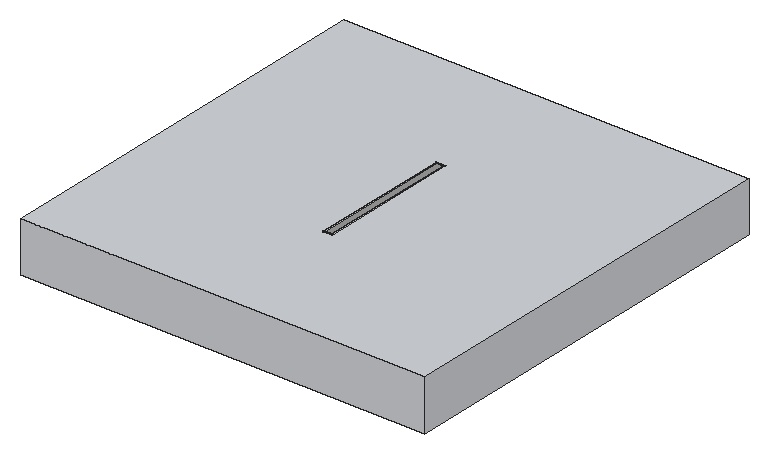
Revit family "LAMP_FIL 45 840MM OPAL RECESSED", category Luminarias, Revit 2018
Family settings
  Anfitrión = Cara
  Cota de conector redondo = Diámetro de uso
  Tipo de pieza = Normal
  Corte con vacíos al cargar = No
  Origen de luz = Sí
  Compartido = No
  Punto de cálculo de habitación = No
Parameters (values of type "1950LM 3000K  BLACK")
  Ángulo de inclinación = -90.00°
  Weight = 2.04 kg
  Wattage = 13.3 W
  Type = "MID POWER TRIDONIC"
  built-in parameter 1150107 = 3000 (stored number, unit not read)
  Recessed dimensions = "846x51x0"
  built-in parameter 1150110 = 1 (stored number, unit not read)
  built-in parameter 1150109 = 1 (stored number, unit not read)
  built-in parameter 1150112 = 1 (stored number, unit not read)
  built-in parameter 1150113 = 1 (stored number, unit not read)
  built-in parameter 1114218 = 1 (stored number, unit not read)
  Protection rating = "IP20 / IK07"
  Product datasheet = "http://www.lamp.es/product-files/TECH/F41RE084MOOP830NB-EN.pdf"
  Product code = "F41RE084MOOP830NB"
  Product URL = "https://www.lamp.es/en/family/fil-45_413951"
  Power Supply = "220-240V 50/60Hz"
  Power = 12 W
  Plum = 13.3 W
  Photobiological risk = ""
  NOT COVER 2 [instance] = not(END COVER 2)  # no
  NOT COVER 1 [instance] = not(END COVER 1)  # no
  built-in parameter 1150137 = (empty or 0)
  built-in parameter 1150132 = 2
  Modelo = Product code  # "F41RE084MOOP830NB"
  Model Explanation = ""
  Material suspension = LAMP_Acero genérico
  Material perfil = LAMP_Aluminio Perfil Fil NG
  Material difusor = LAMP_PC Difusor Opal Fil
  Manufacturer name = "LAMP"
  Manufacturer country = "Spain"
  Manufacturer URL = "http://www.lamp.es/en"
  MacAdam = "3"
  Longitud de línea de emisión = 840 mm
  Last update = "22/03/2021"
  Lamp = "MID-POWER LED"
  LED Lifetime = "70.000 L80 B10"
  built-in parameter 1150105 = 491.36 (stored number, unit not read)
  built-in parameter 1150102 = (empty or 0)
  Insulation class = "I"
  Installation instructions = "https://www.lamp.es/product-files/INS/1004580-C%20INSTR.%20FIL45.pdf"
  built-in parameter 1150106 = 4.9136 (stored number, unit not read)
  IEE = "A+"
  Gear = "Electronic"
  Lumens = 1291.7 lm
  Finish = "Matte black RAL 9011"
  Color Filter = 16777215
  built-in parameter 1114217 = 1 (stored number, unit not read)
  built-in parameter 1150139 = (empty or 0)
  Fabricante = Manufacturer name  # "LAMP"
  Default Elevation = 1219.2 mm
  built-in parameter 1150104 = 9.0227 (stored number, unit not read)
  Efficacy = 97.12 lm/W
  END COVER 2 [instance] = yes
  END COVER 1 [instance] = yes
  Dimensions = "840x55x76"
  Descripción = "FIL45 REC 840 1950 WW OPAL BK."
  built-in parameter 1150115 = 1 (stored number, unit not read)
  built-in parameter 1150114 = 1 (stored number, unit not read)
  built-in parameter 1150138 = (empty or 0)
  built-in parameter 1150134 = 3
  Dimming Lamp Color Temperature Shift = (empty or 0)
  CRI = "80"
  Archivo de red fotométrica = "F41RE084MOOP830NB.IES"
  built-in parameter 1150133 = 10 (stored number, unit not read)
Types (24, lengths in mm): name | Weight | built-in parameter 1150107 | Product datasheet | Product code | Power | Plum | Modelo | Material perfil | LED Lifetime | Finish | Efficacy | Descripción | Archivo de red fotométrica
  1950LM 3000K DALI BLACK | 2.172 kg | 3000 (stored number, unit not read) | "http://www.lamp.es/product-files/TECH/F41RE084MOOP830DB-EN.pdf" | "F41RE084MOOP830DB" | 12 W | 13.3 W | "F41RE084MOOP830DB" | LAMP_Aluminio Perfil Fil NG | "70.000 L80 B10" | "Matte black RAL 9011" | 97.12 lm/W | "FIL45 REC 840 1950 WW OPAL DALI BK." | "F41RE084MOOP830nB.IES"
  1950LM 3000K DALI GREY | 2.172 kg | 3000 (stored number, unit not read) | "http://www.lamp.es/product-files/TECH/F41RE084MOOP830DG-EN.pdf" | "F41RE084MOOP830DG" | 12 W | 13.3 W | "F41RE084MOOP830DG" | LAMP_Aluminio Perfil Fil GR | "70.000 L80 B10" | "Gloss grey" | 97.12 lm/W | "FIL45 REC 840 1950 WW OPAL DALI GR." | "F41RE084MOOP830nG.IES"
  1950LM 3000K DALI WHITE | 2.172 kg | 3000 (stored number, unit not read) | "http://www.lamp.es/product-files/TECH/F41RE084MOOP830DW-EN.pdf" | "F41RE084MOOP830DW" | 12 W | 13.3 W | "F41RE084MOOP830DW" | LAMP_Aluminio Perfil Fil BL | "70.000 L80 B10" | "Matte white RAL 9010" | 97.12 lm/W | "FIL45 REC 840 1950 WW OPAL DALI WH." | "F41RE084MOOP830nW.IES"
  1950LM 3000K  BLACK | 2.04 kg | 3000 (stored number, unit not read) | "http://www.lamp.es/product-files/TECH/F41RE084MOOP830NB-EN.pdf" | "F41RE084MOOP830NB" | 12 W | 13.3 W | "F41RE084MOOP830NB" | LAMP_Aluminio Perfil Fil NG | "70.000 L80 B10" | "Matte black RAL 9011" | 97.12 lm/W | "FIL45 REC 840 1950 WW OPAL BK." | "F41RE084MOOP830NB.IES"
  1950LM 3000K  GREY | 2.04 kg | 3000 (stored number, unit not read) | "http://www.lamp.es/product-files/TECH/F41RE084MOOP830NG-EN.pdf" | "F41RE084MOOP830NG" | 12 W | 13.3 W | "F41RE084MOOP830NG" | LAMP_Aluminio Perfil Fil GR | "70.000 L80 B10" | "Gloss grey" | 97.12 lm/W | "FIL45 REC 840 1950 WW OPAL GR." | "F41RE084MOOP830NG.IES"
  1950LM 3000K  WHITE | 2.04 kg | 3000 (stored number, unit not read) | "http://www.lamp.es/product-files/TECH/F41RE084MOOP830NW-EN.pdf" | "F41RE084MOOP830NW" | 12 W | 13.3 W | "F41RE084MOOP830NW" | LAMP_Aluminio Perfil Fil BL | "70.000 L80 B10" | "Matte white RAL 9010" | 97.12 lm/W | "FIL45 REC 840 1950 WW OPAL WH." | "F41RE084MOOP830NW.IES"
  1950LM 4000K DALI BLACK | 2.172 kg | 4000 (stored number, unit not read) | "http://www.lamp.es/product-files/TECH/F41RE084MOOP840DB-EN.pdf" | "F41RE084MOOP840DB" | 12 W | 13.3 W | "F41RE084MOOP840DB" | LAMP_Aluminio Perfil Fil NG | "70.000 L80 B10" | "Matte black RAL 9011" | 101.81 lm/W | "FIL45 REC 840 1950 NW OPAL DALI BK." | "F41RE084MOOP840nB.IES"
  1950LM 4000K DALI GREY | 2.172 kg | 4000 (stored number, unit not read) | "http://www.lamp.es/product-files/TECH/F41RE084MOOP840DG-EN.pdf" | "F41RE084MOOP840DG" | 12 W | 13.3 W | "F41RE084MOOP840DG" | LAMP_Aluminio Perfil Fil GR | "70.000 L80 B10" | "Gloss grey" | 101.81 lm/W | "FIL45 REC 840 1950 NW OPAL DALI GR." | "F41RE084MOOP840nG.IES"
  1950LM 4000K DALI WHITE | 2.172 kg | 4000 (stored number, unit not read) | "http://www.lamp.es/product-files/TECH/F41RE084MOOP840DW-EN.pdf" | "F41RE084MOOP840DW" | 12 W | 13.3 W | "F41RE084MOOP840DW" | LAMP_Aluminio Perfil Fil BL | "70.000 L80 B10" | "Matte white RAL 9010" | 101.81 lm/W | "FIL45 REC 840 1950 NW OPAL DALI WH." | "F41RE084MOOP840nW.IES"
  1950LM 4000K  BLACK | 2.04 kg | 4000 (stored number, unit not read) | "http://www.lamp.es/product-files/TECH/F41RE084MOOP840NB-EN.pdf" | "F41RE084MOOP840NB" | 12 W | 13.3 W | "F41RE084MOOP840NB" | LAMP_Aluminio Perfil Fil NG | "70.000 L80 B10" | "Matte black RAL 9011" | 101.81 lm/W | "FIL45 REC 840 1950 NW OPAL BK." | "F41RE084MOOP840NB.IES"
  1950LM 4000K  GREY | 2.04 kg | 4000 (stored number, unit not read) | "http://www.lamp.es/product-files/TECH/F41RE084MOOP840NG-EN.pdf" | "F41RE084MOOP840NG" | 12 W | 13.3 W | "F41RE084MOOP840NG" | LAMP_Aluminio Perfil Fil GR | "70.000 L80 B10" | "Gloss grey" | 101.81 lm/W | "FIL45 REC 840 1950 NW OPAL GR." | "F41RE084MOOP840NG.IES"
  1950LM 4000K  WHITE | 2.04 kg | 4000 (stored number, unit not read) | "http://www.lamp.es/product-files/TECH/F41RE084MOOP840NW-EN.pdf" | "F41RE084MOOP840NW" | 12 W | 13.3 W | "F41RE084MOOP840NW" | LAMP_Aluminio Perfil Fil BL | "70.000 L80 B10" | "Matte white RAL 9010" | 101.81 lm/W | "FIL45 REC 840 1950 NW OPAL WH." | "F41RE084MOOP840NW.IES"
  4650LM 3000K DALI BLACK | 2.187 kg | 3000 (stored number, unit not read) | "http://www.lamp.es/product-files/TECH/F41RE084HOOP830DB-EN.pdf" | "F41RE084HOOP830DB" | 27 W | 30.4 W | "F41RE084HOOP830DB" | LAMP_Aluminio Perfil Fil NG | "72.000 L80 B10" | "Matte black RAL 9011" | 92 lm/W | "FIL45 REC 840 4650 WW OPAL DALI BK." | "F41RE084HOOP830nB.IES"
  4650LM 3000K DALI GREY | 2.187 kg | 3000 (stored number, unit not read) | "http://www.lamp.es/product-files/TECH/F41RE084HOOP830DG-EN.pdf" | "F41RE084HOOP830DG" | 27 W | 30.4 W | "F41RE084HOOP830DG" | LAMP_Aluminio Perfil Fil GR | "72.000 L80 B10" | "Gloss grey" | 92 lm/W | "FIL45 REC 840 4650 WW OPAL DALI GR." | "F41RE084HOOP830nG.IES"
  4650LM 3000K DALI WHITE | 2.187 kg | 3000 (stored number, unit not read) | "http://www.lamp.es/product-files/TECH/F41RE084HOOP830DW-EN.pdf" | "F41RE084HOOP830DW" | 27 W | 30.4 W | "F41RE084HOOP830DW" | LAMP_Aluminio Perfil Fil BL | "72.000 L80 B10" | "Matte white RAL 9010" | 92 lm/W | "FIL45 REC 840 4650 WW OPAL DALI WH." | "F41RE084HOOP830nW.IES"
  4650LM 3000K  BLACK | 2.09 kg | 3000 (stored number, unit not read) | "http://www.lamp.es/product-files/TECH/F41RE084HOOP830NB-EN.pdf" | "F41RE084HOOP830NB" | 27 W | 30.4 W | "F41RE084HOOP830NB" | LAMP_Aluminio Perfil Fil NG | "72.000 L80 B10" | "Matte black RAL 9011" | 92 lm/W | "FIL45 REC 840 4650 WW OPAL BK." | "F41RE084HOOP830NB.IES"
  4650LM 3000K  GREY | 2.09 kg | 3000 (stored number, unit not read) | "http://www.lamp.es/product-files/TECH/F41RE084HOOP830NG-EN.pdf" | "F41RE084HOOP830NG" | 27 W | 30.4 W | "F41RE084HOOP830NG" | LAMP_Aluminio Perfil Fil GR | "72.000 L80 B10" | "Gloss grey" | 92 lm/W | "FIL45 REC 840 4650 WW OPAL GR." | "F41RE084HOOP830NG.IES"
  4650LM 3000K  WHITE | 2.09 kg | 3000 (stored number, unit not read) | "http://www.lamp.es/product-files/TECH/F41RE084HOOP830NW-EN.pdf" | "F41RE084HOOP830NW" | 27 W | 30.4 W | "F41RE084HOOP830NW" | LAMP_Aluminio Perfil Fil BL | "72.000 L80 B10" | "Matte white RAL 9010" | 92 lm/W | "FIL45 REC 840 4650 WW OPAL WH." | "F41RE084HOOP830NW.IES"
  4650LM 4000K DALI BLACK | 2.187 kg | 4000 (stored number, unit not read) | "http://www.lamp.es/product-files/TECH/F41RE084HOOP840DB-EN.pdf" | "F41RE084HOOP840DB" | 27 W | 30.4 W | "F41RE084HOOP840DB" | LAMP_Aluminio Perfil Fil NG | "72.000 L80 B10" | "Matte black RAL 9011" | 92 lm/W | "FIL45 REC 840 4650 NW OPAL DALI BK." | "F41RE084HOOP840nB.IES"
  4650LM 4000K DALI GREY | 2.187 kg | 4000 (stored number, unit not read) | "http://www.lamp.es/product-files/TECH/F41RE084HOOP840DG-EN.pdf" | "F41RE084HOOP840DG" | 27 W | 30.4 W | "F41RE084HOOP840DG" | LAMP_Aluminio Perfil Fil GR | "72.000 L80 B10" | "Gloss grey" | 92 lm/W | "FIL45 REC 840 4650 NW OPAL DALI GR." | "F41RE084HOOP840nG.IES"
  4650LM 4000K DALI WHITE | 2.187 kg | 4000 (stored number, unit not read) | "http://www.lamp.es/product-files/TECH/F41RE084HOOP840DW-EN.pdf" | "F41RE084HOOP840DW" | 27 W | 30.4 W | "F41RE084HOOP840DW" | LAMP_Aluminio Perfil Fil BL | "72.000 L80 B10" | "Matte white RAL 9010" | 92 lm/W | "FIL45 REC 840 4650 NW OPAL DALI WH." | "F41RE084HOOP840nW.IES"
  4650LM 4000K  BLACK | 2.09 kg | 4000 (stored number, unit not read) | "http://www.lamp.es/product-files/TECH/F41RE084HOOP840NB-EN.pdf" | "F41RE084HOOP840NB" | 27 W | 30.4 W | "F41RE084HOOP840NB" | LAMP_Aluminio Perfil Fil NG | "72.000 L80 B10" | "Matte black RAL 9011" | 92 lm/W | "FIL45 REC 840 4650 NW OPAL BK." | "F41RE084HOOP840NB.IES"
  4650LM 4000K  GREY | 2.09 kg | 4000 (stored number, unit not read) | "http://www.lamp.es/product-files/TECH/F41RE084HOOP840NG-EN.pdf" | "F41RE084HOOP840NG" | 27 W | 30.4 W | "F41RE084HOOP840NG" | LAMP_Aluminio Perfil Fil GR | "72.000 L80 B10" | "Gloss grey" | 92 lm/W | "FIL45 REC 840 4650 NW OPAL GR." | "F41RE084HOOP840NG.IES"
  4650LM 4000K  WHITE | 2.09 kg | 4000 (stored number, unit not read) | "http://www.lamp.es/product-files/TECH/F41RE084HOOP840NW-EN.pdf" | "F41RE084HOOP840NW" | 27 W | 30.4 W | "F41RE084HOOP840NW" | LAMP_Aluminio Perfil Fil BL | "72.000 L80 B10" | "Matte white RAL 9010" | 92 lm/W | "FIL45 REC 840 4650 NW OPAL WH." | "F41RE084HOOP840NW.IES"
Reference planes
  plane 1 "Centro (Frontal/Posterior)": y = 0
  plane 2: z = 0
  plane 3 "Centro (Izquierda/Derecha)": x = 0
Forms (mm)
  Extrusion 1, solid
    sketch origin (0, 0, 0) x (1, 0, 0) y (0, 1, 0)
      loop
        line (-1219.2, 1219.2) -> (-1219.2, -1219.2) -> (1219.2, -1219.2) -> (1219.2, 1219.2) -> (-1219.2, 1219.2)
    from 0 to -304.8
  Extrusion 2, solid, material "LAMP_Aluminio Perfil Fil NG" <- "Material perfil"
    sketch origin (0, 0, -281.8) x (1, 0, 0) y (0, 0, 1)
      loop
        line (17.8, 259) -> (0, 259) -> (-17.8, 259) -> (-21.5, 259) -> (-21.5, 283) -> (-27.5, 283) -> (-27.5, 281.8) -> (-22.5, 281.8) -> (-22.5, 206.5) -> (22.5, 206.5) -> (22.5, 281.8) -> (27.5, 281.8) -> (27.5, 283) -> (21.5, 283) -> (21.5, 259) -> (17.8, 259)
    from -420 to 420
  Extrusion 3, solid, material "LAMP_PC Difusor Opal Fil" <- "Material difusor"
    sketch origin (0, 0, -281.8) x (1, 0, 0) y (0, 0, 1)
      loop
        line (-21.5, 283) -> (-21.5, 281.8) -> (21.5, 281.8) -> (21.5, 283) -> (-21.5, 283)
    from 420 to -420
Text (mm)
  text "Any modification of the parameters and properties of the LAMP BIM models must be executed and validated by the LAMP technical department.\nPhone: +34 93 736 68 00\nE-mail: lamp@lamp.es\n\nLAMP reserves the right to modify the technical specifications of its products." at (3249.303, 5266.069, -2786.139), in view "Preview"
Dimensions and locks
  aligned and locked: plane 2 to Extrusion 1
  aligned and locked: level to Extrusion 1
Nested families
  nested 1: "LAMP_FIL 45 END COVER RECESSED" at (0, -421, -75.3), visible <- "END COVER 1", type "Blanco"
  nested 2: "LAMP_FIL 45 END COVER RECESSED" at (0, 421, -75.3), visible <- "END COVER 2", type "Blanco"
Connectors
  electrical at (0, 0, -75.3)
    settings: on Extrusion 2, index 1, voltage 230 V, apparent load 0 VA, apparent load phase1 0 VA, apparent load phase2 0 VA, apparent load phase3 0 VA, power factor 1, load classification "Otro", number of poles 1, system type 31, power factor state 1, is connector primary yes, connector utility no, sub classification motor no, connector description ""
Definition of nested family "LAMP_FIL 45 END COVER RECESSED"
  Parameters (values of type "LAMP_FIL 45 END COVER RECESSED")
    Material tapa = none
  Reference planes
    plane 1 "Centro (Frontal/Posterior)": y = 0
    plane 2: z = 0
    plane 3 "Centro (Izquierda/Derecha)": x = 0
  Forms (mm)
    Extrusion 1, solid, material <- "Material tapa"
      sketch origin (0, 0, 76.8) x (0, -1, 0) y (0, 0, -1)
        loop
          line (1, 1.5) -> (1, 76.8) -> (-1, 76.8) -> (-1, 0.3) -> (4.5, 0.3) -> (4.5, 1.5) -> (1, 1.5)
      from -27.5 to 27.5
    Extrusion 2, void
      sketch origin (0, 0, 0) x (1, 0, 0) y (0, 0, 1)
        loop
          line (27.5, 75.3) -> (22.5, 75.3) -> (22.5, 0) -> (27.5, 0) -> (27.5, 75.3)
      from -23.5 to 23.5
    Extrusion 3, void
      sketch origin (0, 0, 0) x (1, 0, 0) y (0, 0, 1)
        loop
          line (-27.5, 75.3) -> (-27.5, 0) -> (-22.5, 0) -> (-22.5, 75.3) -> (-27.5, 75.3)
      from -23.5 to 23.5
  Cuts and joins
    Extrusion 2, Extrusion 3 cuts Extrusion 1
  Dimensions and locks
    aligned and locked: level to plane 2
